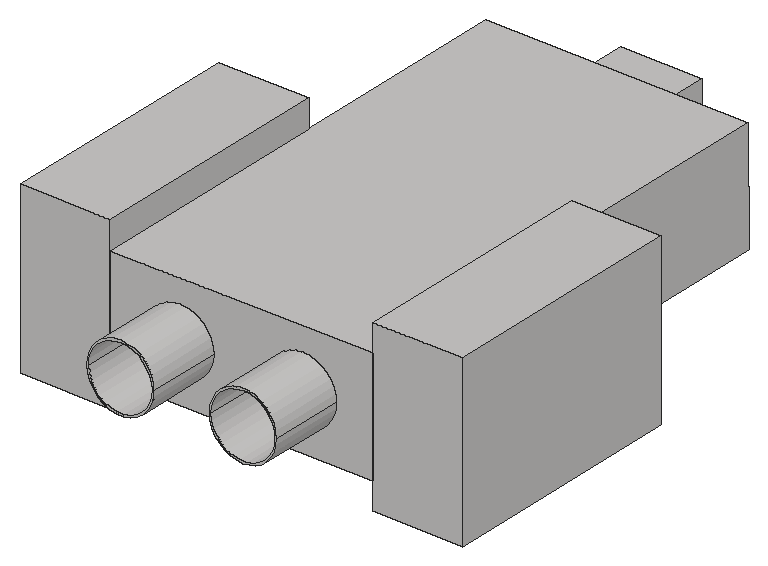
Revit family
Parameters
  Width = 1' - 7"
  Unit Weight = "72.0 lbs"
  URL = "http://www.titus-hvac.com/"
  UL = "181"
  SteriLoc Liner = Liner Option = 3  # no
  Outlet Width = 0' - 5 7/8"
  Outlet Height = 0' - 5 7/8"
  Nominal Width = Width + 1' 1"  # 2' - 8"
  Nominal Length = Length + Inlet Length + 0' 4"  # 3' - 7 3/8"
  Nominal Inlet Size = 0' - 5"
  Nominal Height = if(Height > 1' 0 1/4", Height, 1' 0 1/4")  # 1' - 0 1/4"
  NFPA = "90A"
  Model = "DMDV"
  Min. Air Flow = 0 CFM
  Max. Air Flow = 350 CFM
  Material = Steel
  Manufacturer = "Titus"
  Liner Option = 0
  Length = 2' - 10"
  Inlet Void Radius = Inlet Radius - 0' 0 1/8"  # 0' - 2 5/16"
  Inlet Radius = Inlet Diameter / 2  # 0' - 2 7/16"
  Inlet Offset = 0' - 8 7/8"
  Inlet Length = 0' - 5 3/8"
  Inlet Diameter = Nominal Inlet Size - 0' 0 1/8"  # 0' - 4 7/8"
  Height = 0' - 8 1/4"
  Heat Air Pressure Drop [instance] = 0.00 in-wg
  Heat Air Flow [instance] = 0 CFM
  Fiber Free Liner = Liner Option = 2  # no
  Duct Radius = Nominal Inlet Size / 2  # 0' - 2 1/2"
  Description = "Dual Duct Terminal Unit, Digital Control, Pressure Independent, High Performance Mixer"
  Cool Air Pressure Drop [instance] = 0.00 in-wg
  Cool Air Flow [instance] = 0 CFM
  CADworks URL = "www.CADworks.net"
  Assembly Code = "D3040100"
  1/2" Fiberglass Liner = Liner Option = 0  # yes
  1" Fiberglass Liner = Liner Option = 1  # no
Reference planes (in)
  plane 1 "Center (Front/Back)": y = 0
  plane 2: z = 0
  plane 3 "Center (Left/Right)": x = 0
  plane 4: x = 9.5
  plane 5: x = -9.5
  plane 6: y = 17
  plane 7: y = -17
  plane 8: z = 4.125
  plane 9: z = -4.125
  plane 10: x = -4.4375
  plane 11: x = 4.4375
  plane 12: y = -22.375
  plane 13: y = 21
  plane 14: x = -16
  plane 15: x = 16
  plane 16: y = -7
  plane 17: y = 7
  plane 18: z = 6.125
  plane 19: z = -6.125
Forms (in)
  Extrusion 1, solid, material "Steel" <- "Material"
    sketch origin (0, 9.5, -24) x (1, 0, 0) y (0, 0, 1)
      loop
        line (-9.5, 28.125) -> (-9.5, 19.875) -> (9.5, 19.875) -> (9.5, 28.125) -> (-9.5, 28.125)
    from -7.5 to 26.5
  Extrusion 2, solid, material "Steel" <- "Material"
    sketch origin (0, -23.5, 0) x (1, 0, 0) y (0, 0, 1)
      loop
        line (9.5, 6.125) -> (9.5, -6.125) -> (16, -6.125) -> (16, 6.125) -> (9.5, 6.125)
    from -24.5 to -6.5
  Extrusion 3, solid, material "Steel" <- "Material"
    sketch origin (0, -21.5, 0) x (-1, 0, 0) y (0, 0, -1)
      loop
        line (9.5, -6.125) -> (16, -6.125) -> (16, 6.125) -> (9.5, 6.125) -> (9.5, -6.125)
    from -22.5 to -4.5
  Extrusion 4, solid, material "Steel" <- "Material"
    sketch origin (0, -19, 0) x (1, 0, 0) y (0, 0, 1)
      loop
        circle (-4.4375, 0) r 2.4375
    from -2 to 3.375
  Extrusion 5, solid, material "Steel" <- "Material"
    sketch origin (0, -19, 0) x (-1, 0, 0) y (0, 0, -1)
      loop
        circle (-4.4375, 0) r 2.4375
    from -2 to 3.375
  Extrusion 6, void
    sketch origin (0, -10.375, 0) x (1, 0, 0) y (0, 0, 1)
      loop
        circle (-4.4375, 0) r 2.3125
    from -17.375 to 12
  Extrusion 7, void
    sketch origin (0, 0, 0) x (1, 0, 0) y (0, 0, 1)
      loop
        circle (4.4375, 0) r 2.3125
    from -7 to 22.375
  Extrusion 8, solid, material "Steel" <- "Material"
    sketch origin (0, 23, 0) x (1, 0, 0) y (0, 0, 1)
      loop
        line (-2.9375, 2.9375) -> (-2.9375, -2.9375) -> (2.9375, -2.9375) -> (2.9375, 2.9375) -> (-2.9375, 2.9375)
    from 2 to 6
  Extrusion 9, void
    sketch origin (0, 21.5, 0) x (1, 0, 0) y (0, 0, 1)
      loop
        line (-2.6875, 2.6875) -> (-2.6875, -2.6875) -> (2.6875, -2.6875) -> (2.6875, 2.6875) -> (-2.6875, 2.6875)
    from 0.5 to 28.5
Cuts and joins
  Extrusion 6, Extrusion 7, Extrusion 9 cuts Extrusion 1
  Extrusion 6 cuts Extrusion 4
  Extrusion 7 cuts Extrusion 5
  Extrusion 9 cuts Extrusion 8
Dimensions and locks (in)
  "Length": plane 7 to plane 6
  equal spacing: plane 7, plane 1 "Center (Front/Back)", plane 6
  "Width": plane 5 to plane 4
  equal spacing: plane 5, plane 3 "Center (Left/Right)", plane 4
  "Height": plane 9 to plane 8
  equal spacing: plane 9, level, plane 8
  locked: Extrusion 2 to plane 7 at 18
  locked: Extrusion 2 to Extrusion 2 at 12.25
  equal spacing: Extrusion 2, plane 2, Extrusion 2, locked at 6.125 each
  locked: Extrusion 2 to plane 4 at 6.5
  locked: Extrusion 3 to Extrusion 3 at 12.25
  equal spacing: Extrusion 3, plane 2, Extrusion 3, locked at 6.125 each
  locked: Extrusion 3 to plane 5 at 6.5
  locked: Extrusion 3 to plane 7 at 18
  "Inlet Offset": plane 10 to plane 11
  equal spacing: plane 10, plane 3 "Center (Left/Right)", plane 11
  "Inlet Length": plane 7 to plane 12
  "Inlet Length": plane 7 to Extrusion 4
  "Inlet Length": Extrusion 5 to plane 7
  locked: plane 6 to plane 13 at 4
  "Outlet Width": Extrusion 8 sketch curve to Extrusion 8 sketch curve
  equal spacing: Extrusion 8 sketch curve, plane 3 "Center (Left/Right)", Extrusion 8 sketch curve
  locked: Extrusion 4 sketch curve to level at 0
  locked: Extrusion 4 sketch curve to plane 10 at 0
  locked: Extrusion 5 sketch curve to level at 0
  locked: Extrusion 5 sketch curve to plane 11 at 0
  locked: Extrusion 6 sketch curve to level at 0
  locked: Extrusion 6 sketch curve to plane 10 at 0
  locked: Extrusion 7 sketch curve to level at 0
  locked: Extrusion 7 sketch curve to plane 11 at 0
  locked: cut or joined group of Extrusion 8, Extrusion 9 to Extrusion 9 sketch curve at 0.25  (x3)
  locked: Extrusion 9 sketch curve to cut or joined group of Extrusion 8, Extrusion 9 at 0.25
  "Outlet Height": Extrusion 8 sketch curve to Extrusion 8 sketch curve
  equal spacing: Extrusion 8 sketch curve, plane 2, Extrusion 8 sketch curve
  "Nominal Width": plane 14 to plane 15
  plane 13 to plane 12 = 3' - 7 3/8"
  locked: plane 14 to plane 5 at 6.5
  equal spacing: cut or joined group of Extrusion 8, Extrusion 9, plane 3 "Center (Left/Right)", cut or joined group of Extrusion 8, Extrusion 9
  locked: plane 17 to plane 7 at 24
  locked: plane 16 to plane 6 at 24
  "Inlet Radius": radius of Extrusion 4 sketch curve
  "Inlet Radius": radius of Extrusion 5 sketch curve
  "Inlet Void Radius": radius of Extrusion 6 sketch curve
  "Inlet Void Radius": radius of Extrusion 7 sketch curve
  aligned and locked: plane 6 to Extrusion 1
  aligned and locked: plane 4 to Extrusion 1
  aligned and locked: plane 5 to Extrusion 1
  aligned and locked: plane 7 to Extrusion 1
  aligned and locked: plane 8 to Extrusion 1
  aligned and locked: plane 7 to Extrusion 2
  aligned and locked: plane 7 to Extrusion 3
  aligned and locked: plane 12 to Extrusion 4
  aligned and locked: plane 7 to Extrusion 4
  aligned and locked: plane 7 to Extrusion 5
  aligned and locked: plane 6 to Extrusion 8
  aligned and locked: plane 13 to Extrusion 8
  aligned and locked: plane 12 to cut or joined group of Extrusion 4, Extrusion 6  (x2)
  aligned and locked: plane 12 to cut or joined group of Extrusion 5, Extrusion 7  (x2)
  aligned and locked: plane 13 to cut or joined group of Extrusion 8, Extrusion 9  (x2)
  aligned and locked: plane 14 to Extrusion 3  (x2)
  aligned and locked: plane 15 to Extrusion 2
  aligned and locked: Extrusion 6 to plane 12
  aligned and locked: Extrusion 7 to plane 12
  aligned and locked: Extrusion 9 to plane 13
  aligned and locked: Extrusion 2 to plane 15
  aligned and locked: Extrusion 2 to cut or joined group of Extrusion 1, Extrusion 6, Extrusion 7, Extrusion 9
  aligned and locked: Extrusion 3 to cut or joined group of Extrusion 1, Extrusion 6, Extrusion 7, Extrusion 9
  aligned and locked: cut or joined group of Extrusion 1, Extrusion 6, Extrusion 7, Extrusion 9 to plane 8
  aligned and locked: plane 9 to cut or joined group of Extrusion 1, Extrusion 6, Extrusion 7, Extrusion 9
  aligned and locked: plane 16 to Extrusion 9
  aligned and locked: plane 17 to Extrusion 6
  aligned and locked: Extrusion 7 to cut or joined group of Extrusion 1, Extrusion 6, Extrusion 7, Extrusion 9
Automatic sketch dimensions
  Extrusion 1 sketch curve to plane 5 = 0' - 0"
  Extrusion 1 sketch curve to plane 4 = 0' - 0"
  plane 9 to Extrusion 1 sketch curve = 0' - 0"
  plane 8 to Extrusion 1 sketch curve = 0' - 0"
  Extrusion 2 sketch curve to plane 4 = 0' - 0"
  plane 9 to Extrusion 2 sketch curve = 0' - 2"
  Extrusion 2 sketch curve to Extrusion 2 sketch curve = 0' - 6 1/2"
  Extrusion 2 sketch curve to plane 8 = 0' - 2"
  Extrusion 3 sketch curve to plane 5 = 0' - 0"
  plane 9 to Extrusion 3 sketch curve = 0' - 2"
  Extrusion 3 sketch curve to Extrusion 3 sketch curve = 0' - 6 1/2"
  Extrusion 3 sketch curve to plane 8 = 0' - 2"
Connectors (in)
  hvac at (4.4375, -22.375, 0), driven by "Duct Radius", driven by "Cool Air Pressure Drop", driven by "Cool Air Flow"
    settings: on cut or joined group of Extrusion 5, Extrusion 7, index 1
  hvac at (-4.4375, -22.375, 0), driven by "Duct Radius", driven by "Heat Air Pressure Drop", driven by "Heat Air Flow"
    settings: on cut or joined group of Extrusion 4, Extrusion 6, index 2
  hvac at (0, 21, 0), driven by "Outlet Height", driven by "Outlet Width"
    settings: on cut or joined group of Extrusion 8, Extrusion 9, index 3
